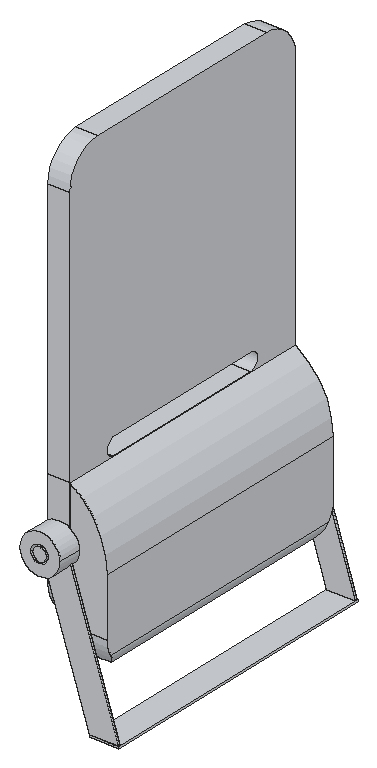
Revit family "2824068", category Generic Models, host Face, Revit 2018
Family settings
  Host = Face
  Can host rebar = No
  Round Connector Dimension = Use Diameter
  Part Type = Normal
  OmniClass Number = 23.80.70.00
  OmniClass Title = Lighting
  Cut with Voids When Loaded = No
  Shared = No
  Room Calculation Point = No
Parameters (values of type "Type Name")
  rotation axis = 142.4 mm
  bracket width = 288 mm
  URL = "http://www.sylvania-lighting.com"
  Type Image = <None>
  Type Comments = "n/a"
  Material_3_SYL = none
  Model = ""
  Manufacturer = "Feilo Sylvania"
  Keynote = ""
  Material_2_SYL = none
  Height = 157.859 mm
  Description = ""
  Default Elevation = 1219.2 mm
  Cost = 0
  Material_1_SYL = none
  Bracket Height = 195 mm
  Assembly Code = ""
  Material_4_SYL = none
Reference planes
  plane 1 "Center (Front/Back)": y = 0
  plane 2: z = 0
  plane 3 "Center (Left/Right)": x = 0
  plane 4: x = -16.5
  plane 5: x = 16.5
  plane 6: z = 155
  plane 7: x = -51.5
  plane 8: z = 137
  plane 9 "Rotation Axis": z = 142.4
  plane 10: z = 152.35
  plane 11: z = 195
  plane 12: x = -73.847
  plane 13: y = -187
  plane 14: y = 187
  plane 15: y = -160
  plane 16: y = 169
  plane 17: y = -169
  plane 18: through (-72.693, -4572, 174.07) normal (-0.3105, 0, 0.9506)
  plane 19: through (-63.557, -4572, 193.954) normal (0.9506, 0, 0.3105)
  plane 20: y = 162
  plane 21: z = 65
Forms (mm)
  Extrusion 1, solid, detail levels medium+fine
    sketch origin (0, 0, 0) x (1, 0, 0) y (0, 1, 0)
      loop
        line (-16.5, 169) -> (-16.5, -169) -> (16.5, -169) -> (16.5, 169) -> (-16.5, 169)
    from 0 to 2
  Extrusion 2, solid, detail levels medium+fine
    sketch origin (1524, -349.9, 1220.035) x (1, 0, 0) y (0, 0, 1)
      loop
        line (-1540.496, -1218.035) -> (-1507.966, -1218.035) -> (-1567.674, -1035.217)
        arc (-1567.674, -1035.217) -> (-1587.557, -1026.081) -> (-1596.693, -1045.965) r 15.473
        line (-1596.693, -1045.965) -> (-1540.496, -1218.035)
    from -180.9 to -182.9
  Extrusion 3, solid, detail levels medium+fine
    sketch origin (0, 0, 0.069) x (1, 0, 0) y (0, 0, 1)
      loop
        line (-16.39, 1.931) -> (16.139, 1.931) -> (-43.636, 184.958)
        arc (-43.636, 184.958) -> (-63.457, 193.922) -> (-72.656, 174.21) r 15.474
        line (-72.656, 174.21) -> (-16.39, 1.931)
    from -169 to -167
  Extrusion 4, solid, detail levels medium+fine
    sketch origin (-6.388, 0, 36.204) x (1, 0, 0) y (0, 0, 1)
      loop
        circle (-51.99, 142.374) r 22.5
    from -162 to -187
  Extrusion 5, solid, detail levels medium+fine
    sketch origin (-6.358, 0, 36.195) x (1, 0, 0) y (0, 0, 1)
      loop
        circle (-51.99, 142.374) r 22.5
    from 160 to 187
  Extrusion 6, void
    sketch origin (-6.256, 0, 44.074) x (1, 0, 0) y (0, 0, 1)
      loop
        circle (-52.373, 134.652) r 10
    from 169 to 187
  Extrusion 7, solid, detail levels fine
    sketch origin (-6.561, 0, 36.201) x (1, 0, 0) y (0, 0, 1)
      loop
        circle (-51.99, 142.374) r 7.5
    from 169 to 187
  Extrusion 8, void
    sketch origin (1517.357, -324.9, 1255.472) x (1, 0, 0) y (0, 0, 1)
      loop
        circle (-1575.99, -1076.826) r 10
    from -511.9 to -493.9
  Extrusion 9, solid, detail levels fine
    sketch origin (1517.42, -324.9, 1255.374) x (1, 0, 0) y (0, 0, 1)
      loop
        circle (-1575.99, -1076.826) r 7.5
    from -511.9 to -493.9
  Revolve 10, solid, not visible, detail levels coarse
    sketch origin (-58.257, 1528.788, 1255.151) x (0, 1, 0) y (0, 0, 1)
      loop
        line (-1362.428, -1054.349) -> (-1379.437, -1054.349) -> (-1379.437, -1074.349) -> (-1362.428, -1074.349) -> (-1362.428, -1054.349)
      axis (-1362.428, -1076.8) -> (-1379.437, -1076.8)
    angle from 0 to 180
Cuts and joins
  Extrusion 6 cuts Extrusion 5
  Extrusion 8 cuts Extrusion 4
Dimensions and locks
  "Bracket Height": plane 11 to level
  plane 17 to plane 16 = 338 mm
  equal spacing: plane 17, plane 1 "Center (Front/Back)", plane 16
  plane 13 to cut or joined group of Extrusion 5, Extrusion 6 = 18 mm
  aligned and locked: plane 2 to host face
  aligned and locked: level to host face
Automatic sketch dimensions
  host sketch curve to host sketch curve = 2438.4 mm  (x2)
  Extrusion 1 sketch curve to plane 4 = 0 mm
  Extrusion 1 sketch curve to plane 5 = 0 mm
  Extrusion 4 sketch curve to plane 9 "Rotation Axis" = 36.178 mm
  Extrusion 5 sketch curve to plane 9 "Rotation Axis" = 36.169 mm
  Extrusion 6 sketch curve to plane 9 "Rotation Axis" = 36.326 mm
  Extrusion 7 sketch curve to plane 9 "Rotation Axis" = 36.175 mm
  Extrusion 8 sketch curve to plane 9 "Rotation Axis" = 36.246 mm
  Extrusion 9 sketch curve to plane 9 "Rotation Axis" = 36.148 mm
  Revolve 10 sketch curve to plane 9 "Rotation Axis" = 35.951 mm
  Revolve 10 sketch curve to Revolve 10 sketch curve = 17.009 mm
  Revolve 10 sketch curve to plane 9 "Rotation Axis" = 38.402 mm
  plane 6 to Revolve 10 sketch curve = 45.802 mm
  Revolve 10 sketch curve to Revolve 10 sketch curve = 62.43 mm
  Revolve 10 sketch curve to Revolve 10 sketch curve = 22.367 mm
  plane 12 to Extrusion 2 sketch curve = 1.154 mm
  plane 7 to Extrusion 2 sketch curve = 6.684 mm
  Extrusion 2 sketch curve to plane 7 = 7.826 mm
  plane 4 to Extrusion 2 sketch curve = 0.004 mm
  level to Extrusion 2 sketch curve = 2 mm
  plane 6 to Extrusion 2 sketch curve = 19.07 mm
  Extrusion 2 sketch curve to Extrusion 2 sketch curve = 5.374 mm
  Extrusion 2 sketch curve to plane 5 = 0.466 mm
  plane 12 to Extrusion 3 sketch curve = 1.191 mm
  plane 7 to Extrusion 3 sketch curve = 6.582 mm
  Extrusion 3 sketch curve to plane 7 = 7.864 mm
  plane 4 to Extrusion 3 sketch curve = 0.11 mm
  Extrusion 3 sketch curve to plane 5 = 0.361 mm
  level to Extrusion 3 sketch curve = 2 mm
  Extrusion 3 sketch curve to Extrusion 3 sketch curve = 5.202 mm
  Extrusion 3 sketch curve to plane 11 = 9.973 mm
  plane 7 to Extrusion 6 sketch curve = 7.13 mm
  plane 7 to Extrusion 7 sketch curve = 7.051 mm
  plane 7 to Extrusion 9 sketch curve = 7.07 mm
  plane 7 to Extrusion 4 sketch curve = 6.879 mm
  plane 7 to Extrusion 5 sketch curve = 6.848 mm
  plane 7 to Extrusion 8 sketch curve = 7.133 mm
  Extrusion 1 sketch curve to plane 16 = 0 mm
  Revolve 10 sketch curve to plane 20 = 12.649 mm
  Extrusion 1 sketch curve to plane 17 = 0 mm
  radius of Extrusion 4 sketch curve = 22.5 mm
  radius of Extrusion 5 sketch curve = 22.5 mm
  radius of Extrusion 6 sketch curve = 10 mm
  radius of Extrusion 7 sketch curve = 7.5 mm
  radius of Extrusion 8 sketch curve = 10 mm
  radius of Extrusion 9 sketch curve = 7.5 mm
Nested families
  nested 1: "2824068" at (-58.257, -66.88, 318.498) x (0, 1, 0) z (1, 0, 0), type "2824068 RAIDEN IP66 21KLM 840 WIDE"
    with built-in parameter 1114216 (empty or 0)
Definition of nested family "2824068"
  Parameters (values of type "2824068 RAIDEN IP66 21KLM 840 WIDE")
    height = 60 mm
    Width = 319 mm
    Wattage Comments = "n/a"
    Wattage = 9.2903 W
    built-in parameter 1150110 = 1 (stored number, unit not read)
    URL = "0.95"
    Type Image = (empty or 0)
    Type Comments = "n/a"
    built-in parameter 1114217 = 1 (stored number, unit not read)
    Tilt Angle = -90.00°
    built-in parameter 1150109 = 1 (stored number, unit not read)
    built-in parameter 1150134 = 3
    built-in parameter 1150113 = 1 (stored number, unit not read)
    Photometric Web File = "2824068.IES"
    Material_3_SYL = none
    Model = "Raiden IP66 21KLM 840 Symmetric Wide"
    Manufacturer = ""
    built-in parameter 1150105 = 109.82 (stored number, unit not read)
    Lumens = 1380 lm
    built-in parameter 1150115 = 1 (stored number, unit not read)
    built-in parameter 1150137 = (empty or 0)
    built-in parameter 1150139 = (empty or 0)
    Length = 511 mm
    built-in parameter 1150112 = 1 (stored number, unit not read)
    built-in parameter 1150114 = 1 (stored number, unit not read)
    Lamp = "n/a"
    Keynote = "n/a"
    Material_2_SYL = none
    built-in parameter 1150132 = (empty or 0)
    built-in parameter 1150102 = (empty or 0)
    built-in parameter 1150107 = 3200 (stored number, unit not read)
    built-in parameter 1150138 = (empty or 0)
    built-in parameter 1150106 = 1.0982 (stored number, unit not read)
    Emit from Circle Diameter = 609.6 mm
    Emit Shape Visible in Rendering = no
    built-in parameter 1150104 = 13.8 (stored number, unit not read)
    Dimming Lamp Color Temperature Shift = (empty or 0)
    Description = "Outdoor and indoor floodlight range with in house design, comes complete with 1m flying lead and adjustable bracket, aluminium housing, RAL 9022 - Pearl light grey, clear glass diffuser, IP66, IK08, Class I, 4000K, Non-dimming, 21700lm, 157W, 138lm/W, CRI80, Symmetric Wide beam angle 60°, 100000 hrs L80B50 lifespan, 511x319x76mm (LxWxH) dimensions, 6.6kg weight."
    Default Elevation = 1219.2 mm
    Cost = 0
    Color Filter = 16777215
    built-in parameter 1114216 [instance] = (empty or 0)
    Material_1_SYL = none
    built-in parameter 1114218 = 1 (stored number, unit not read)
    built-in parameter 1150133 = 10 (stored number, unit not read)
    Assembly Code = "D5020200"
    Apparent Load = 157 VA
    Material_4_SYL = none
  Reference planes
    plane 1 "Center (Front/Back)": y = 2.5
    plane 2: z = 0.95
    plane 3 "Center (Left/Right)": x = 68.124
    plane 4: z = -14.05
    plane 5: z = 15.95
    plane 6: x = 227.624
    plane 7: z = 0.95
    plane 8: z = 45.95
    plane 9: x = -91.376
    plane 10: y = -253
    plane 11: y = 258
    plane 12: y = 5.117
    plane 13: y = -56
    plane 14: y = -49.461
    plane 15: x = 175.624
    plane 16: x = -39.376
    plane 17: x = 1.624
    plane 18: y = -226
    plane 19: y = 236
    plane 20: y = -76
    plane 21: y = -16
    plane 22: x = -67.376
    plane 23: y = -213
    plane 24: x = -51.376
    plane 25: x = 187.624
    plane 26: x = 227.624
    plane 27: x = 134.624
  Forms (mm)
    Extrusion 1, solid
      sketch origin (26.073, 0, 0.95) x (1, 0, 0) y (0, 1, 0)
        loop
          line (-1219.2, 1219.2) -> (-1219.2, -1219.2) -> (1219.2, -1219.2) -> (1219.2, 1219.2) -> (-1219.2, 1219.2)
      from 0 to -68.017
    Extrusion 2, solid, detail levels medium+fine
      sketch origin (83.124, -34.451, 0.95) x (1, 0, 0) y (0, 1, 0)
        loop
          line (-174.5, 253) -> (-174.5, -151.549)
          arc (-174.5, -151.549) -> (-162.784, -179.833) -> (-134.5, -191.549) r 40
          line (-134.5, -191.549) -> (104.5, -191.549)
          arc (104.5, -191.549) -> (132.784, -179.833) -> (144.5, -151.549) r 40
          line (144.5, -151.549) -> (144.5, 253)
          arc (144.5, 253) -> (132.784, 281.284) -> (104.5, 293) r 40
          line (104.5, 293) -> (-134.5, 293)
          arc (-134.5, 293) -> (-162.784, 281.284) -> (-174.5, 253) r 40
      from -15 to 9.702
    Extrusion 3, solid, detail levels medium+fine
      sketch origin (402.124, 1489.549, 1205.15) x (0, 1, 0) y (0, 0, 1)
        loop
          line (-1644.468, -1151.519) -> (-1728.014, -1151.519)
          arc (-1728.014, -1151.519) -> (-1739.904, -1157.404) -> (-1742.436, -1170.427) r 14.954
          line (-1742.436, -1170.427) -> (-1715.549, -1219.2) -> (-1565.549, -1219.2) -> (-1565.549, -1194.2)
          arc (-1565.549, -1194.2) -> (-1599.607, -1162.873) -> (-1644.468, -1151.519) r 94.303
      from -493.5 to -174.5
    Extrusion 4, void
      sketch origin (81.72, -11.578, 0.95) x (1, 0, 0) y (0, 1, 0)
        loop
          arc (-149.096, 10.578) -> (-144.703, -0.029) -> (-134.096, -4.422) r 15
          line (-134.096, -4.422) -> (106.904, -4.422)
          arc (106.904, -4.422) -> (117.51, -0.029) -> (121.904, 10.578) r 15
          line (121.904, 10.578) -> (121.904, 232.578)
          arc (121.904, 232.578) -> (117.51, 243.184) -> (106.904, 247.578) r 15
          line (106.904, 247.578) -> (-134.096, 247.578)
          arc (-134.096, 247.578) -> (-144.703, 243.184) -> (-149.096, 232.578) r 15
          line (-149.096, 232.578) -> (-149.096, 10.578)
      from -16.268 to -10.594
    Extrusion 5, solid, detail levels fine
      sketch origin (83.124, 0.218, 0.95) x (1, 0, 0) y (0, 1, 0)
        loop
          arc (-135.5, 235.782) -> (-146.107, 231.388) -> (-150.5, 220.782) r 15
          line (-150.5, 220.782) -> (-150.5, -1.218)
          arc (-150.5, -1.218) -> (-146.107, -11.825) -> (-135.5, -16.218) r 15
          line (-135.5, -16.218) -> (105.5, -16.218)
          arc (105.5, -16.218) -> (116.107, -11.825) -> (120.5, -1.218) r 15
          line (120.5, -1.218) -> (120.5, 220.782)
          arc (120.5, 220.782) -> (116.107, 231.388) -> (105.5, 235.782) r 15
          line (105.5, 235.782) -> (-135.5, 235.782)
      from -12.231 to -10.594
    Extrusion 6, void
      sketch origin (59.01, -67.578, 0.95) x (1, 0, 0) y (0, 1, 0)
        loop
          arc (106.512, -8.423) -> (116.512, 1.577) -> (106.512, 11.577) r 10
          line (106.512, 11.577) -> (-88.339, 11.577)
          arc (-88.339, 11.577) -> (-98.339, 1.577) -> (-88.339, -8.423) r 10
          line (-88.339, -8.423) -> (106.512, -8.423)
      from -18.734 to 12.525
    Extrusion 7, void
      sketch origin (68.124, -34.451, 0) x (0, 1, 0) y (0, 0, 1)
        loop
          line (-253.049, 15.95) -> (-253.049, -34.125) -> (-191.549, -30.902) -> (-191.549, 15.95) -> (-253.049, 15.95)
      from 66.5 to 210.265
    Extrusion 8, void
      sketch origin (68.124, -34.451, 0) x (0, 1, 0) y (0, 0, 1)
        loop
          line (-191.549, 15.95) -> (-275.432, 15.95) -> (-275.432, -28.004) -> (-191.549, -28.004) -> (-191.549, 15.95)
      from -190.34 to -66.5
    Extrusion 9, void
      sketch origin (23.624, -126, 0.95) x (1, 0, 0) y (0, 1, 0)
        loop
          line (-115, -60) -> (-115, -100) -> (-75, -100)
          arc (-75, -100) -> (-103.284, -88.284) -> (-115, -60) r 40
      from -22.043 to 15
    Extrusion 10, void
      sketch origin (91.954, 19.065, 0.95) x (1, 0, 0) y (0, 1, 0)
        loop
          line (95.67, -245.065) -> (135.67, -245.065) -> (135.67, -205.065)
          arc (135.67, -205.065) -> (123.954, -233.349) -> (95.67, -245.065) r 40
      from -24.354 to 15
    Extrusion 11, solid, detail levels medium+fine
      sketch origin (1607.216, -359.351, 1205.129) x (1, 0, 0) y (0, 0, 1)
        loop
          circle (-1419.5, -1204.2) r 11
      from -136.15 to -106.464
    Extrusion 12, void
      sketch origin (0, 0, 0.95) x (1, 0, 0) y (0, 1, 0)
        loop
          line (-91.376, -186) -> (-91.376, -226) -> (-51.376, -226)
          arc (-51.376, -226) -> (-79.66, -214.284) -> (-91.376, -186) r 40
      from 0 to 12.525
    Extrusion 13, void
      sketch origin (0, 0, 0.95) x (1, 0, 0) y (0, 1, 0)
        loop
          line (-91.376, -221) -> (-91.376, -261) -> (-51.376, -261)
          arc (-51.376, -261) -> (-79.66, -249.284) -> (-91.376, -221) r 40
      from 0 to 100
    Extrusion 14, void
      sketch origin (0, 0, 0.95) x (1, 0, 0) y (0, 1, 0)
        loop
          arc (227.624, -215.988) -> (215.905, -244.281) -> (187.612, -256) r 40.012
          line (187.612, -256) -> (227.624, -256) -> (227.624, -215.988)
      from 12.525 to 100
    Extrusion 15, solid, detail levels coarse
      sketch origin (0, 0, 0.95) x (1, 0, 0) y (0, 1, 0)
        loop
          line (-91.376, 258.549) -> (-91.376, -252.887) -> (227.624, -252.887) -> (227.624, 258.549) -> (-91.376, 258.549)
      from -15 to 52.681
  Cuts and joins
    Extrusion 4, Extrusion 6, Extrusion 7, Extrusion 8, Extrusion 9, Extrusion 10, Extrusion 12 cuts Extrusion 2
    Extrusion 6, Extrusion 7, Extrusion 8, Extrusion 9, Extrusion 10, Extrusion 12, Extrusion 13, Extrusion 14 cuts Extrusion 3
    Extrusion 14 cuts Extrusion 11
  Dimensions and locks
    "height": plane 4 to plane 8
    "Width": plane 9 to plane 6
    equal spacing: plane 9, plane 3 "Center (Left/Right)", plane 6
    equal spacing: plane 11, plane 1 "Center (Front/Back)", plane 10
    "Length": plane 11 to plane 10
    aligned and locked: plane 2 to Extrusion 1
    aligned and locked: level to Extrusion 1
  Automatic sketch dimensions
    Extrusion 1 sketch curve to Extrusion 1 sketch curve = 2438.4 mm  (x2)
    Extrusion 4 sketch curve to plane 3 "Center (Left/Right)" = 135.5 mm
    Extrusion 4 sketch curve to Extrusion 4 sketch curve = 15 mm  (x3)
    plane 1 "Center (Front/Back)" to Extrusion 4 sketch curve = 18.5 mm
    Extrusion 4 sketch curve to Extrusion 4 sketch curve = 222 mm
    Extrusion 5 sketch curve to plane 3 "Center (Left/Right)" = 135.5 mm
    Extrusion 5 sketch curve to Extrusion 5 sketch curve = 15 mm  (x2)
    plane 1 "Center (Front/Back)" to Extrusion 5 sketch curve = 18.5 mm
    Extrusion 5 sketch curve to Extrusion 5 sketch curve = 222 mm
    Extrusion 7 sketch curve to plane 5 = 0 mm
    Extrusion 7 sketch curve to plane 4 = 16.852 mm
    Extrusion 7 sketch curve to plane 4 = 20.075 mm
    Extrusion 8 sketch curve to plane 5 = 0 mm
    Extrusion 8 sketch curve to plane 4 = 13.954 mm
    Extrusion 8 sketch curve to Extrusion 8 sketch curve = 83.883 mm
    Extrusion 9 sketch curve to plane 3 "Center (Left/Right)" = 159.5 mm
    Extrusion 9 sketch curve to Extrusion 9 sketch curve = 40 mm
    Extrusion 10 sketch curve to plane 6 = 0 mm
    Extrusion 11 sketch curve to level = 0.021 mm
    Extrusion 4 sketch curve to plane 6 = 39 mm  (x2)
    Extrusion 5 sketch curve to plane 6 = 39 mm  (x2)
    Extrusion 5 sketch curve to plane 6 = 24 mm
    Extrusion 10 sketch curve to Extrusion 10 sketch curve = 40 mm
    Extrusion 11 sketch curve to plane 6 = 39.908 mm
    Extrusion 2 sketch curve to plane 9 = 0 mm
    Extrusion 2 sketch curve to plane 6 = 0 mm
    plane 10 to Extrusion 2 sketch curve = 27 mm
    plane 9 to Extrusion 2 sketch curve = 40 mm  (x2)
    Extrusion 2 sketch curve to plane 11 = 39.451 mm  (x2)
    Extrusion 2 sketch curve to plane 6 = 40 mm
    Extrusion 12 sketch curve to plane 9 = 0 mm
    Extrusion 12 sketch curve to plane 18 = 0 mm
    plane 22 to Extrusion 12 sketch curve = 16 mm
    Extrusion 13 sketch curve to plane 9 = 0 mm
    Extrusion 13 sketch curve to plane 24 = 0 mm
    Extrusion 13 sketch curve to plane 23 = 8 mm
    Extrusion 13 sketch curve to plane 10 = 8 mm
    Extrusion 14 sketch curve to plane 25 = 0.012 mm
    Extrusion 14 sketch curve to plane 6 = 0 mm
    Extrusion 14 sketch curve to plane 23 = 2.988 mm
    Extrusion 14 sketch curve to plane 10 = 3 mm
    Extrusion 7 sketch curve to plane 18 = 0 mm
    Extrusion 7 sketch curve to plane 10 = 34.5 mm
    Extrusion 8 sketch curve to plane 18 = 0 mm
    Extrusion 9 sketch curve to plane 18 = 0 mm
    Extrusion 10 sketch curve to plane 18 = 0 mm
    Extrusion 6 sketch curve to plane 13 = 0.001 mm
    Extrusion 6 sketch curve to plane 20 = 0.001 mm
    plane 16 to Extrusion 6 sketch curve = 10.047 mm
    Extrusion 6 sketch curve to plane 15 = 10.102 mm
    Extrusion 3 sketch curve to plane 4 = 0 mm
    Extrusion 3 sketch curve to plane 18 = 0 mm
    Extrusion 3 sketch curve to plane 20 = 0 mm
    plane 10 to Extrusion 3 sketch curve = 14.535 mm
    plane 10 to Extrusion 3 sketch curve = 0.113 mm
    Extrusion 3 sketch curve to plane 4 = 26.622 mm
    Extrusion 3 sketch curve to plane 8 = 11.227 mm
    Extrusion 3 sketch curve to plane 8 = 7.273 mm
    Extrusion 3 sketch curve to plane 5 = 5 mm
    Extrusion 15 sketch curve to plane 9 = 0 mm
    Extrusion 15 sketch curve to plane 6 = 0 mm
    plane 11 to Extrusion 15 sketch curve = 0.549 mm
    plane 10 to Extrusion 15 sketch curve = 0.113 mm
    radius of Extrusion 11 sketch curve = 11 mm
  Connectors
    electrical at (187.716, -252.887, 0.929)
      settings: on Extrusion 11, index 1, voltage 0 V, apparent load 0 VA, apparent load phase1 0 VA, apparent load phase2 0 VA, apparent load phase3 0 VA, power factor 1, load classification none, number of poles 1, system type 31, power factor state 1, is connector primary yes, connector utility no, sub classification motor no, connector description ""
